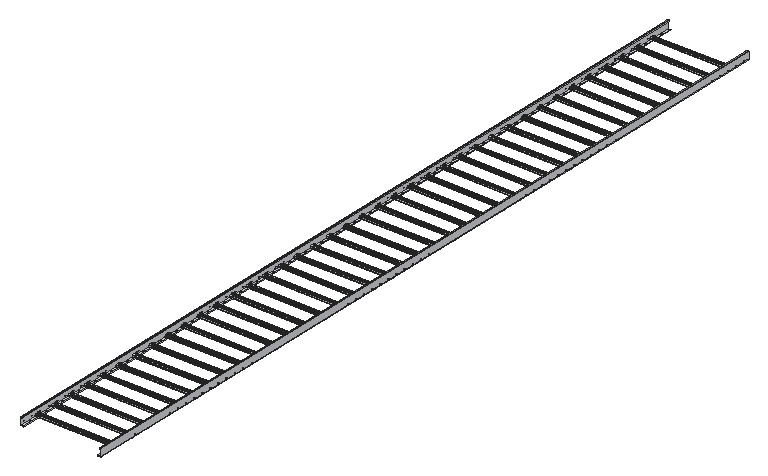
Revit family "Kabelleiter LG 60, 6 m VS FT", category Generic Models, Revit 2017
Family settings
  Can host rebar = No
  Round Connector Dimension = Use Diameter
  Part Type = Normal
  Work Plane-Based = No
  Always vertical = Yes
  Cut with Voids When Loaded = No
  Shared = No
  Room Calculation Point = No
Parameters (values of type "LG 660 VS 6 FT")
  Width = 600 mm
  URL = "http://www.obo-bettermann.com"
  Material = Hot-dip galvanised
  Manufacturer Art.No. = "6208661"
  Manufacturer = "OBO BETTERMANN"
  Length = 6000 mm
  GTIN = "4012195064381"
  Cut's space = 150 mm
  Cut's number 3 = 80
  Cut's number 2 = 2
  Cut's number = Length / Cut's space  # 40
  Article Type = "LG 660 VS 6 FT"
Reference planes
  plane 1 "Center (Front/Back)": y = 0
  plane 2: z = 0
  plane 3 "Center (Left/Right)": x = 0
  plane 4: x = 600
  plane 5: z = 60
  plane 6: x = 300
  plane 7: x = 300
  plane 8: y = 6000
  plane 9: y = 150
  plane 10: z = 16.5
  plane 11: y = 135
  plane 12: y = 165
  plane 13: y = 141.5
  plane 14: y = 158.5
  plane 15: x = 598.529
  plane 16: y = 300
  plane 17: z = 16.5
  plane 18: y = 285
  plane 19: y = 315
  plane 20: y = 291.5
  plane 21: y = 308.5
  plane 22: y = 450
  plane 23: z = 16.5
  plane 24: y = 435
  plane 25: y = 465
  plane 26: y = 441.5
  plane 27: y = 458.5
  plane 28: y = 600
  plane 29: z = 16.5
  plane 30: y = 585
  plane 31: y = 615
  plane 32: y = 591.5
  plane 33: y = 608.5
  plane 34: y = 750
  plane 35: z = 16.5
  plane 36: y = 735
  plane 37: y = 765
  plane 38: y = 741.5
  plane 39: y = 758.5
  plane 40: y = 900
  plane 41: z = 16.5
  plane 42: y = 885
  plane 43: y = 915
  plane 44: y = 891.5
  plane 45: y = 908.5
  plane 46: y = 1050
  plane 47: z = 16.5
  plane 48: y = 1035
  plane 49: y = 1065
  plane 50: y = 1041.5
  plane 51: y = 1058.5
  plane 52: y = 1200
  plane 53: z = 16.5
  plane 54: y = 1185
  plane 55: y = 1215
  plane 56: y = 1191.5
  plane 57: y = 1208.5
  plane 58: y = 1350
  plane 59: z = 16.5
  plane 60: y = 1335
  plane 61: y = 1365
  plane 62: y = 1341.5
  plane 63: y = 1358.5
  plane 64: y = 1500
  plane 65: z = 16.5
  plane 66: y = 1485
  plane 67: y = 1515
  plane 68: y = 1491.5
  plane 69: y = 1508.5
  plane 70: y = 1650
  plane 71: z = 16.5
  plane 72: y = 1635
  plane 73: y = 1665
  plane 74: y = 1641.5
  plane 75: y = 1658.5
  plane 76: y = 1800
  plane 77: z = 16.5
  plane 78: y = 1785
  plane 79: y = 1815
  plane 80: y = 1791.5
  plane 81: y = 1808.5
  plane 82: y = 1950
  plane 83: z = 16.5
  plane 84: y = 1935
  plane 85: y = 1965
  plane 86: y = 1941.5
  plane 87: y = 1958.5
  plane 88: y = 2100
  plane 89: z = 16.5
  plane 90: y = 2085
  plane 91: y = 2115
  plane 92: y = 2091.5
  plane 93: y = 2108.5
  plane 94: y = 2250
  plane 95: z = 16.5
  plane 96: y = 2235
  plane 97: y = 2265
  plane 98: y = 2241.5
  plane 99: y = 2258.5
  plane 100: y = 2400
  plane 101: z = 16.5
  plane 102: y = 2385
  plane 103: y = 2415
  plane 104: y = 2391.5
  plane 105: y = 2408.5
  plane 106: y = 2550
  plane 107: z = 16.5
  plane 108: y = 2535
  plane 109: y = 2565
  plane 110: y = 2541.5
  plane 111: y = 2558.5
  plane 112: y = 2700
  plane 113: z = 16.5
  plane 114: y = 2685
  plane 115: y = 2715
  plane 116: y = 2691.5
  plane 117: y = 2708.5
  plane 118: y = 2850
  plane 119: z = 16.5
  plane 120: y = 2835
  plane 121: y = 2865
  plane 122: y = 2841.5
  plane 123: y = 2858.5
  plane 124: y = 3000
  plane 125: z = 16.5
  plane 126: y = 2985
  plane 127: y = 3015
  plane 128: y = 2991.5
  plane 129: y = 3008.5
  plane 130: y = 3150
  plane 131: z = 16.5
  plane 132: y = 3135
  plane 133: y = 3165
  plane 134: y = 3141.5
  plane 135: y = 3158.5
  plane 136: y = 3300
  plane 137: z = 16.5
  plane 138: y = 3285
  plane 139: y = 3315
  plane 140: y = 3291.5
  plane 141: y = 3308.5
  plane 142: y = 3450
  plane 143: z = 16.5
  plane 144: y = 3435
  plane 145: y = 3465
  plane 146: y = 3441.5
  plane 147: y = 3458.5
  plane 148: y = 3600
  plane 149: z = 16.5
  plane 150: y = 3585
  plane 151: y = 3615
  plane 152: y = 3591.5
  plane 153: y = 3608.5
  plane 154: y = 3750
  plane 155: z = 16.5
  plane 156: y = 3735
  plane 157: y = 3765
  plane 158: y = 3741.5
  plane 159: y = 3758.5
  plane 160: y = 3900
  plane 161: z = 16.5
  plane 162: y = 3885
  plane 163: y = 3915
  plane 164: y = 3891.5
  plane 165: y = 3908.5
  plane 166: y = 4050
  plane 167: z = 16.5
  plane 168: y = 4035
  plane 169: y = 4065
  plane 170: y = 4041.5
  plane 171: y = 4058.5
  plane 172: y = 4200
  plane 173: z = 16.5
  plane 174: y = 4185
  plane 175: y = 4215
  plane 176: y = 4191.5
  plane 177: y = 4208.5
  plane 178: y = 4350
  plane 179: z = 16.5
  plane 180: y = 4335
  plane 181: y = 4365
  plane 182: y = 4341.5
  plane 183: y = 4358.5
  plane 184: y = 4500
  plane 185: z = 16.5
  plane 186: y = 4485
  plane 187: y = 4515
  plane 188: y = 4491.5
  plane 189: y = 4508.5
  plane 190: y = 4650
  plane 191: z = 16.5
  plane 192: y = 4635
  plane 193: y = 4665
  plane 194: y = 4641.5
  plane 195: y = 4658.5
  plane 196: y = 4800
  plane 197: z = 16.5
  plane 198: y = 4785
  plane 199: y = 4815
  plane 200: y = 4791.5
  plane 201: y = 4808.5
  plane 202: y = 4950
  plane 203: z = 16.5
  plane 204: y = 4935
  plane 205: y = 4965
  plane 206: y = 4941.5
  plane 207: y = 4958.5
  plane 208: y = 5100
  plane 209: z = 16.5
  plane 210: y = 5085
  plane 211: y = 5115
  plane 212: y = 5091.5
  plane 213: y = 5108.5
  plane 214: y = 5250
  plane 215: z = 16.5
  plane 216: y = 5235
  plane 217: y = 5265
  plane 218: y = 5241.5
  plane 219: y = 5258.5
  plane 220: y = 5400
  plane 221: z = 16.5
  plane 222: y = 5385
  plane 223: y = 5415
  plane 224: y = 5391.5
  plane 225: y = 5408.5
  plane 226: y = 5550
  plane 227: z = 16.5
  plane 228: y = 5535
  plane 229: y = 5565
  plane 230: y = 5541.5
  plane 231: y = 5558.5
  plane 232: y = 5700
  plane 233: z = 16.5
  plane 234: y = 5685
  plane 235: y = 5715
  plane 236: y = 5691.5
  plane 237: y = 5708.5
  plane 238: y = 5850
  plane 239: z = 16.5
  plane 240: y = 5835
  plane 241: y = 5865
  plane 242: y = 5841.5
  plane 243: y = 5858.5
  plane 244: y = 75
  plane 245: x = 16.5
  plane 246: y = 225
  plane 247: x = 16.5
  plane 248: y = 75
  plane 249: x = 583.466
  plane 250: x = 599.966
  plane 251: y = 375
  plane 252: x = 16.5
  plane 253: y = 525
  plane 254: x = 16.5
  plane 255: y = 675
  plane 256: x = 16.5
  plane 257: y = 825
  plane 258: x = 16.5
  plane 259: y = 975
  plane 260: x = 16.5
  plane 261: y = 1125
  plane 262: x = 16.5
  plane 263: y = 1275
  plane 264: x = 16.5
  plane 265: y = 1425
  plane 266: x = 16.5
  plane 267: y = 1575
  plane 268: x = 16.5
  plane 269: y = 1725
  plane 270: x = 16.5
  plane 271: y = 1875
  plane 272: x = 16.5
  plane 273: y = 2025
  plane 274: x = 16.5
  plane 275: y = 2175
  plane 276: x = 16.5
  plane 277: y = 2325
  plane 278: x = 16.5
  plane 279: y = 2475
  plane 280: x = 16.5
  plane 281: y = 2625
  plane 282: x = 16.5
  plane 283: y = 2775
  plane 284: x = 16.5
  plane 285: y = 2925
  plane 286: x = 16.5
  plane 287: y = 3075
  plane 288: x = 16.5
  plane 289: y = 3225
  plane 290: x = 16.5
  plane 291: y = 3375
  plane 292: x = 16.5
  plane 293: y = 3525
  plane 294: x = 16.5
  plane 295: y = 3675
  plane 296: x = 16.5
  plane 297: y = 3825
  plane 298: x = 16.5
  plane 299: y = 3975
  plane 300: x = 16.5
  plane 301: y = 4125
  plane 302: x = 16.5
  plane 303: y = 4275
  plane 304: x = 16.5
  plane 305: y = 4425
  plane 306: x = 16.5
  plane 307: y = 4575
  plane 308: x = 16.5
  plane 309: y = 4725
  plane 310: x = 16.5
  plane 311: y = 4875
  plane 312: x = 16.5
  plane 313: y = 5025
  plane 314: x = 16.5
  plane 315: y = 5175
  plane 316: x = 16.5
  plane 317: y = 5325
  plane 318: x = 16.5
  plane 319: y = 5475
  plane 320: x = 16.5
  plane 321: y = 5625
  plane 322: x = 16.5
  plane 323: y = 5775
  plane 324: x = 16.5
  plane 325: y = 5925
  plane 326: x = 16.5
  plane 327: x = 583.613
  plane 328: x = 600.113
  plane 329: y = 225
  plane 330: x = 583.545
  plane 331: y = 375
  plane 332: x = 583.545
  plane 333: y = 525
  plane 334: x = 583.545
  plane 335: y = 675
  plane 336: x = 583.545
  plane 337: y = 825
  plane 338: x = 583.545
  plane 339: y = 975
  plane 340: x = 583.545
  plane 341: y = 1125
  plane 342: x = 583.545
  plane 343: y = 1275
  plane 344: x = 583.545
  plane 345: y = 1425
  plane 346: x = 583.545
  plane 347: y = 1575
  plane 348: x = 583.545
  plane 349: y = 1725
  plane 350: x = 583.545
  plane 351: y = 1875
  plane 352: x = 583.545
  plane 353: y = 2025
  plane 354: x = 583.545
  plane 355: y = 2175
  plane 356: x = 585.045
  plane 357: y = 75
  plane 358: x = 16.5
  plane 359: y = 2325
  plane 360: x = 583.495
  plane 361: y = 2475
  plane 362: x = 583.495
  plane 363: y = 2625
  plane 364: x = 583.495
  plane 365: y = 2775
  plane 366: x = 583.495
  plane 367: y = 2925
  plane 368: x = 583.495
  plane 369: y = 3075
  plane 370: x = 583.495
  plane 371: y = 3225
  plane 372: x = 583.495
  plane 373: y = 3375
  plane 374: x = 583.495
  plane 375: y = 3525
  plane 376: x = 583.495
  plane 377: y = 3675
  plane 378: x = 583.495
  plane 379: y = 3825
  plane 380: x = 583.545
  plane 381: y = 3975
  plane 382: x = 583.545
  plane 383: y = 4125
  plane 384: x = 583.545
  plane 385: y = 4275
  plane 386: x = 583.545
  plane 387: y = 4425
  plane 388: x = 583.545
  plane 389: y = 4575
  plane 390: x = 583.545
  plane 391: y = 4725
  plane 392: x = 583.545
  plane 393: y = 4875
  plane 394: x = 583.545
  plane 395: y = 5025
  plane 396: x = 583.545
  plane 397: y = 5175
  plane 398: x = 583.545
  plane 399: y = 5325
  plane 400: x = 583.545
  plane 401: y = 5475
  plane 402: x = 583.545
  plane 403: y = 5625
  plane 404: x = 583.545
  plane 405: y = 5775
  plane 406: x = 583.545
  plane 407: y = 5925
  plane 408: x = 583.545
  plane 409: y = 37.5
  plane 410: z = 14
  plane 411: y = 112.5
  plane 412: z = 14
  plane 413: y = 187.5
  plane 414: z = 14
  plane 415: y = 262.5
  plane 416: z = 14
  plane 417: y = 337.5
  plane 418: z = 14
  plane 419: y = 412.5
  plane 420: z = 14
  plane 421: y = 487.5
  plane 422: z = 14
  plane 423: y = 562.5
  plane 424: z = 14
  plane 425: y = 637.5
  plane 426: z = 14
  plane 427: y = 712.5
  plane 428: z = 14
  plane 429: y = 787.5
  plane 430: z = 14
  plane 431: y = 862.5
  plane 432: z = 14
  plane 433: y = 937.5
  plane 434: z = 14
  plane 435: y = 1012.5
  plane 436: z = 14
  plane 437: y = 1087.5
  plane 438: z = 14
  plane 439: y = 1162.5
  plane 440: z = 14
  plane 441: y = 1237.5
  plane 442: z = 14
  plane 443: y = 1312.5
  plane 444: z = 14
  plane 445: y = 1387.5
  plane 446: z = 14
  plane 447: y = 1462.5
  plane 448: z = 14
  plane 449: y = 1537.5
  plane 450: z = 14
  plane 451: y = 1612.5
  plane 452: z = 14
  plane 453: y = 1687.5
  plane 454: z = 14
  plane 455: y = 1762.5
  plane 456: z = 14
  plane 457: y = 1837.5
  plane 458: z = 14
  plane 459: y = 1912.5
  plane 460: z = 14
  plane 461: y = 1987.5
  plane 462: z = 14
  plane 463: y = 2062.5
  plane 464: z = 14
  plane 465: y = 2137.5
  plane 466: z = 14
  plane 467: y = 2212.5
  plane 468: z = 14
  plane 469: y = 2287.5
  plane 470: z = 14
  plane 471: y = 2362.5
  plane 472: z = 14
  plane 473: y = 2437.5
  plane 474: z = 14
  plane 475: y = 2512.5
  plane 476: z = 14
  plane 477: y = 2587.5
  plane 478: z = 14
  plane 479: y = 2662.5
  plane 480: z = 14
  plane 481: y = 2737.5
  plane 482: z = 14
  plane 483: y = 2812.5
  plane 484: z = 14
  plane 485: y = 2887.5
  plane 486: z = 14
  plane 487: y = 2962.5
  plane 488: z = 14
  plane 489: y = 3037.5
  plane 490: z = 14
  plane 491: y = 3112.5
  plane 492: z = 14
  plane 493: y = 3187.5
  plane 494: z = 14
  plane 495: y = 3262.5
  plane 496: z = 14
  plane 497: y = 3337.5
  plane 498: z = 14
  plane 499: y = 3412.5
  plane 500: z = 14
  plane 501: y = 3487.5
  plane 502: z = 14
  plane 503: y = 3562.5
  plane 504: z = 14
  plane 505: y = 3637.5
  plane 506: z = 14
  plane 507: y = 3712.5
  plane 508: z = 14
  plane 509: y = 3787.5
  plane 510: z = 14
  plane 511: y = 3862.5
  plane 512: z = 14
  plane 513: y = 3937.5
  plane 514: z = 14
  plane 515: y = 4012.5
  plane 516: z = 14
  plane 517: y = 4087.5
  plane 518: z = 14
  plane 519: y = 4162.5
  plane 520: z = 14
  plane 521: y = 4237.5
  plane 522: z = 14
  plane 523: y = 4312.5
  plane 524: z = 14
  plane 525: y = 4387.5
  plane 526: z = 14
  plane 527: y = 4462.5
  plane 528: z = 14
  plane 529: y = 4537.5
  plane 530: z = 14
  plane 531: y = 4612.5
  plane 532: z = 14
  plane 533: y = 4687.5
  plane 534: z = 14
  plane 535: y = 4762.5
  plane 536: z = 14
  plane 537: y = 4837.5
  plane 538: z = 14
  plane 539: y = 4912.5
  plane 540: z = 14
  plane 541: y = 4987.5
  plane 542: z = 14
  plane 543: y = 5062.5
  plane 544: z = 14
  plane 545: y = 5137.5
  plane 546: z = 14
  plane 547: y = 5212.5
  plane 548: z = 14
  plane 549: y = 5287.5
  plane 550: z = 14
  plane 551: y = 5362.5
  plane 552: z = 14
  plane 553: y = 5437.5
  plane 554: z = 14
  plane 555: y = 5512.5
  plane 556: z = 14
  plane 557: y = 5587.5
  plane 558: z = 14
  plane 559: y = 5662.5
  plane 560: z = 14
  plane 561: y = 5737.5
  plane 562: z = 14
  plane 563: y = 5812.5
  plane 564: z = 14
  plane 565: y = 5887.5
  plane 566: z = 14
  plane 567: y = 5962.5
  plane 568: z = 14
  plane 569: z = 14
  plane 570: y = 37.5
  plane 571: z = 14
  plane 572: y = 112.5
  plane 573: z = 14
  plane 574: y = 187.5
  plane 575: z = 14
  plane 576: y = 262.5
  plane 577: z = 14
  plane 578: y = 337.5
  plane 579: z = 14
  plane 580: y = 412.5
  plane 581: z = 14
  plane 582: y = 487.5
  plane 583: z = 14
  plane 584: y = 562.5
  plane 585: z = 14
  plane 586: y = 637.5
  plane 587: z = 14
  plane 588: y = 712.5
  plane 589: z = 14
  plane 590: y = 787.5
  plane 591: z = 14
  plane 592: y = 862.5
  plane 593: z = 14
  plane 594: y = 937.5
  plane 595: z = 14
  plane 596: y = 1012.5
  plane 597: z = 14
  plane 598: y = 1087.5
  plane 599: z = 14
  plane 600: y = 1162.5
  plane 601: z = 14
  plane 602: y = 1237.5
  plane 603: z = 14
  plane 604: y = 1312.5
  plane 605: z = 14
  plane 606: y = 1387.5
  plane 607: z = 14
  plane 608: y = 1462.5
  plane 609: z = 14
  plane 610: y = 1537.5
  plane 611: z = 14
  plane 612: y = 1612.5
  plane 613: z = 14
  plane 614: y = 1687.5
  plane 615: z = 14
  plane 616: y = 1762.5
  plane 617: z = 14
  plane 618: y = 1837.5
  plane 619: z = 14
  plane 620: y = 1912.5
  plane 621: z = 14
  plane 622: y = 1987.5
  plane 623: z = 14
  plane 624: y = 2062.5
  plane 625: z = 14
  plane 626: y = 2137.5
  plane 627: z = 14
  plane 628: y = 2212.5
  plane 629: z = 14
  plane 630: y = 2287.5
  plane 631: z = 14
  plane 632: y = 2362.5
  plane 633: z = 14
  plane 634: y = 2437.5
  plane 635: z = 14
  plane 636: y = 2512.5
  plane 637: z = 14
  plane 638: y = 2587.5
  plane 639: z = 14
  plane 640: y = 2662.5
  plane 641: z = 14
  plane 642: y = 2737.5
  plane 643: z = 14
  plane 644: y = 2812.5
  plane 645: z = 14
  plane 646: y = 2887.5
  plane 647: z = 14
  plane 648: y = 2962.5
  plane 649: z = 14
  plane 650: y = 3037.5
  plane 651: z = 14
  plane 652: y = 3112.5
  plane 653: z = 14
  plane 654: y = 3187.5
  plane 655: z = 14
  plane 656: y = 3262.5
  plane 657: z = 14
  plane 658: y = 3337.5
  plane 659: z = 14
  plane 660: y = 3412.5
  plane 661: z = 14
  plane 662: y = 3487.5
  plane 663: z = 14
  plane 664: y = 3562.5
  plane 665: z = 14
  plane 666: y = 3637.5
  plane 667: z = 14
  plane 668: y = 3712.5
  plane 669: z = 14
  plane 670: y = 3787.5
  plane 671: z = 14
  plane 672: y = 3862.5
  plane 673: z = 14
  plane 674: y = 3937.5
  plane 675: z = 14
  plane 676: y = 4012.5
  plane 677: z = 14
  plane 678: y = 4087.5
  plane 679: z = 14
  plane 680: y = 4162.5
  plane 681: z = 14
  plane 682: y = 4237.5
  plane 683: z = 14
  plane 684: y = 4312.5
  plane 685: z = 14
  plane 686: y = 4387.5
  plane 687: z = 14
  plane 688: y = 4462.5
  plane 689: z = 14
  plane 690: y = 4537.5
  plane 691: z = 14
  plane 692: y = 4612.5
  plane 693: z = 14
  plane 694: y = 4687.5
  plane 695: z = 14
  plane 696: y = 4762.5
  plane 697: z = 14
  plane 698: y = 4837.5
  plane 699: z = 14
  plane 700: y = 4912.5
  plane 701: z = 14
  plane 702: y = 4987.5
  plane 703: z = 14
  plane 704: y = 5062.5
  plane 705: z = 14
  plane 706: y = 5137.5
  plane 707: z = 14
  plane 708: y = 5212.5
  plane 709: z = 14
  plane 710: y = 5287.5
  plane 711: z = 14
  plane 712: y = 5362.5
  plane 713: z = 14
  plane 714: y = 5437.5
  plane 715: z = 14
  plane 716: y = 5512.5
  plane 717: z = 14
  plane 718: y = 5587.5
  plane 719: z = 14
  plane 720: y = 5662.5
  plane 721: z = 14
  plane 722: y = 5737.5
  plane 723: z = 14
  plane 724: y = 5812.5
  plane 725: z = 14
  plane 726: y = 5887.5
  plane 727: z = 14
  plane 728: y = 5962.5
  plane 729: x = 59
  plane 730: x = 1.5
  plane 731: y = 150
  plane 732: x = 99
  plane 733: x = 41.5
  plane 734: y = 150
  plane 735: x = 139
  plane 736: x = 81.5
  plane 737: y = 150
  plane 738: x = 179
  plane 739: x = 121.5
  plane 740: y = 150
  plane 741: x = 219
  plane 742: x = 161.5
  plane 743: y = 150
  plane 744: x = 259
  plane 745: x = 201.5
  plane 746: y = 150
  plane 747: x = 299
  plane 748: x = 241.5
  plane 749: y = 150
  plane 750: x = 339
  plane 751: x = 281.5
  plane 752: y = 150
  plane 753: x = 379
  plane 754: x = 321.5
  plane 755: y = 150
  plane 756: x = 419
  plane 757: x = 361.5
  plane 758: y = 150
  plane 759: x = 459
  plane 760: x = 401.5
  plane 761: y = 150
  plane 762: x = 499
  plane 763: x = 441.5
  plane 764: y = 150
  plane 765: x = 59
  plane 766: x = 1.5
  plane 767: y = 150
  plane 768: x = 539
  plane 769: x = 481.5
  plane 770: y = 150
  plane 771: x = 79
  plane 772: y = 150
  plane 773: x = 119
  plane 774: y = 150
  plane 775: x = 159
  plane 776: y = 150
  plane 777: x = 199
  plane 778: y = 150
  plane 779: x = 239
  plane 780: y = 150
  plane 781: x = 279
  plane 782: y = 150
  plane 783: x = 319
  plane 784: y = 150
  plane 785: x = 359
  plane 786: y = 150
  plane 787: x = 399
  plane 788: y = 150
  plane 789: x = 439
  plane 790: y = 150
  plane 791: x = 479
  plane 792: y = 150
  plane 793: x = 519
  plane 794: y = 150
  plane 795: x = 59
  plane 796: x = 1.5
  plane 797: y = 450
  plane 798: x = 59
  plane 799: x = 1.5
  plane 800: y = 600
  plane 801: x = 59
  plane 802: x = 1.5
  plane 803: y = 750
  plane 804: x = 59
  plane 805: x = 1.5
  plane 806: y = 900
  plane 807: x = 59
  plane 808: x = 1.5
  plane 809: y = 1050
  plane 810: x = 59
  plane 811: x = 1.5
  plane 812: y = 1200
  plane 813: x = 59
  plane 814: x = 1.5
  plane 815: y = 1350
  plane 816: x = 59
  plane 817: x = 1.5
  plane 818: y = 1500
  plane 819: x = 59
  plane 820: x = 1.5
  plane 821: y = 1650
  plane 822: x = 59
  plane 823: x = 1.5
  plane 824: y = 1800
  plane 825: x = 59
  plane 826: x = 1.5
  plane 827: y = 1950
  plane 828: x = 59
  plane 829: x = 1.5
  plane 830: y = 2100
  plane 831: x = 59
  plane 832: x = 1.5
  plane 833: y = 2250
  plane 834: x = 59
  plane 835: x = 1.5
  plane 836: y = 2400
  plane 837: x = 59
  plane 838: x = 1.5
  plane 839: y = 2550
  plane 840: x = 59
  plane 841: x = 1.5
  plane 842: y = 2700
  plane 843: x = 59
  plane 844: x = 1.5
  plane 845: y = 2850
  plane 846: x = 59
  plane 847: x = 1.5
  plane 848: y = 3000
  plane 849: x = 59
  plane 850: x = 1.5
  plane 851: y = 3150
  plane 852: x = 59
  plane 853: x = 1.5
  plane 854: y = 3300
  plane 855: x = 59
  plane 856: x = 1.5
  plane 857: y = 3450
  plane 858: x = 59
  plane 859: x = 1.5
  plane 860: y = 3600
  plane 861: x = 59
  plane 862: x = 1.5
  plane 863: y = 3750
  plane 864: x = 59
  plane 865: x = 1.5
  plane 866: y = 3900
  plane 867: x = 59
  plane 868: x = 1.5
  plane 869: y = 4050
  plane 870: x = 59
  plane 871: x = 1.5
  plane 872: y = 4200
  plane 873: x = 59
  plane 874: x = 1.5
  plane 875: y = 4350
  plane 876: x = 59
  plane 877: x = 1.5
  plane 878: y = 4500
  plane 879: x = 59
  plane 880: x = 1.5
  plane 881: y = 4650
  plane 882: x = 59
  plane 883: x = 1.5
  plane 884: y = 4800
  plane 885: x = 59
  plane 886: x = 1.5
  plane 887: y = 4950
  plane 888: x = 59
  plane 889: x = 1.5
  plane 890: y = 5100
  plane 891: x = 59
  plane 892: x = 1.5
  plane 893: y = 5250
  plane 894: x = 59
  plane 895: x = 1.5
  plane 896: y = 5400
  plane 897: x = 59
  plane 898: x = 1.5
  plane 899: y = 5550
  plane 900: x = 59
  plane 901: x = 1.5
  plane 902: y = 5700
  plane 903: x = 59
  plane 904: x = 1.5
  plane 905: y = 5850
  plane 906: x = 79
  plane 907: y = 450
  plane 908: x = 79
  plane 909: y = 600
  plane 910: x = 79
  plane 911: y = 750
  plane 912: x = 79
  plane 913: y = 900
  plane 914: x = 79
  plane 915: y = 1050
  plane 916: x = 79
  plane 917: y = 1200
  plane 918: x = 79
  plane 919: y = 1350
  plane 920: x = 79
  plane 921: y = 1500
  plane 922: x = 79
  plane 923: y = 1650
  plane 924: x = 79
  plane 925: y = 1800
  plane 926: x = 79
  plane 927: y = 1950
  plane 928: x = 79
  plane 929: y = 2100
  plane 930: x = 79
  plane 931: y = 2250
  plane 932: x = 79
  plane 933: y = 2400
  plane 934: x = 79
  plane 935: y = 2550
  plane 936: x = 79
  plane 937: y = 2700
  plane 938: x = 79
  plane 939: y = 2850
  plane 940: x = 79
  plane 941: y = 3000
  plane 942: x = 79
  plane 943: y = 3150
  plane 944: x = 79
  plane 945: y = 3300
  plane 946: x = 79
  plane 947: y = 3450
  plane 948: x = 79
  plane 949: y = 3600
  plane 950: x = 79
  plane 951: y = 3750
  plane 952: x = 79
  plane 953: y = 3900
  plane 954: x = 79
  plane 955: y = 4050
  plane 956: x = 79
  plane 957: y = 4200
  plane 958: x = 79
  plane 959: y = 4350
  plane 960: x = 79
  plane 961: y = 4500
  plane 962: x = 79
  plane 963: y = 4650
  plane 964: x = 79
  plane 965: y = 4800
  plane 966: x = 79
  plane 967: y = 4950
  plane 968: x = 79
  plane 969: y = 5100
  plane 970: x = 79
  plane 971: y = 5250
  plane 972: x = 79
  plane 973: y = 5400
  plane 974: x = 79
  plane 975: y = 5550
  plane 976: x = 79
  plane 977: y = 5700
  plane 978: x = 79
  plane 979: y = 5850
  plane 980: x = 99
  plane 981: x = 41.5
  plane 982: y = 450
  plane 983: x = 99
  plane 984: x = 41.5
  plane 985: y = 600
  plane 986: x = 99
  plane 987: x = 41.5
  plane 988: y = 750
  plane 989: x = 99
  plane 990: x = 41.5
  plane 991: y = 900
  plane 992: x = 99
  plane 993: x = 41.5
  plane 994: y = 1050
  plane 995: x = 99
  plane 996: x = 41.5
  plane 997: y = 1200
  plane 998: x = 99
  plane 999: x = 41.5
  plane 1000: y = 1350
  plane 1001: x = 99
  plane 1002: x = 41.5
  plane 1003: y = 1500
  plane 1004: x = 99
  plane 1005: x = 41.5
  plane 1006: y = 1650
  plane 1007: x = 99
  plane 1008: x = 41.5
  plane 1009: y = 1800
  plane 1010: x = 99
  plane 1011: x = 41.5
  plane 1012: y = 1950
  plane 1013: x = 99
  plane 1014: x = 41.5
  plane 1015: y = 2100
  plane 1016: x = 99
  plane 1017: x = 41.5
  plane 1018: y = 2250
  plane 1019: x = 99
  plane 1020: x = 41.5
  plane 1021: y = 2400
  plane 1022: x = 99
  plane 1023: x = 41.5
  plane 1024: y = 2550
  plane 1025: x = 99
  plane 1026: x = 41.5
  plane 1027: y = 2700
  plane 1028: x = 99
  plane 1029: x = 41.5
  plane 1030: y = 2850
  plane 1031: x = 99
  plane 1032: x = 41.5
  plane 1033: y = 3000
  plane 1034: x = 99
  plane 1035: x = 41.5
  plane 1036: y = 3150
  plane 1037: x = 99
  plane 1038: x = 41.5
  plane 1039: y = 3300
  plane 1040: x = 99
  plane 1041: x = 41.5
  plane 1042: y = 3450
  plane 1043: x = 99
  plane 1044: x = 41.5
  plane 1045: y = 3600
  plane 1046: x = 99
  plane 1047: x = 41.5
  plane 1048: y = 3750
  plane 1049: x = 99
  plane 1050: x = 41.5
  plane 1051: y = 3900
  plane 1052: x = 99
  plane 1053: x = 41.5
  plane 1054: y = 4050
  plane 1055: x = 99
  plane 1056: x = 41.5
  plane 1057: y = 4200
  plane 1058: x = 99
  plane 1059: x = 41.5
  plane 1060: y = 4350
  plane 1061: x = 99
  plane 1062: x = 41.5
  plane 1063: y = 4500
  plane 1064: x = 99
  plane 1065: x = 41.5
  plane 1066: y = 4650
  plane 1067: x = 99
  plane 1068: x = 41.5
  plane 1069: y = 4800
  plane 1070: x = 99
  plane 1071: x = 41.5
  plane 1072: y = 4950
  plane 1073: x = 99
  plane 1074: x = 41.5
  plane 1075: y = 5100
  plane 1076: x = 99
  plane 1077: x = 41.5
  plane 1078: y = 5250
  plane 1079: x = 99
  plane 1080: x = 41.5
  plane 1081: y = 5400
  plane 1082: x = 99
  plane 1083: x = 41.5
  plane 1084: y = 5550
  plane 1085: x = 99
  plane 1086: x = 41.5
  plane 1087: y = 5700
  plane 1088: x = 99
  plane 1089: x = 41.5
  plane 1090: y = 5850
  plane 1091: x = 119
  plane 1092: y = 450
  plane 1093: x = 119
  plane 1094: y = 600
  plane 1095: x = 119
  plane 1096: y = 750
  plane 1097: x = 119
  plane 1098: y = 900
  plane 1099: x = 119
  plane 1100: y = 1050
  plane 1101: x = 119
  plane 1102: y = 1200
  plane 1103: x = 119
  plane 1104: y = 1350
  plane 1105: x = 119
  plane 1106: y = 1500
  plane 1107: x = 119
  plane 1108: y = 1650
  plane 1109: x = 119
  plane 1110: y = 1800
  plane 1111: x = 119
  plane 1112: y = 1950
  plane 1113: x = 119
  plane 1114: y = 2100
  plane 1115: x = 119
  plane 1116: y = 2250
  plane 1117: x = 119
  plane 1118: y = 2400
  plane 1119: x = 119
  plane 1120: y = 2550
  plane 1121: x = 119
  plane 1122: y = 2700
  plane 1123: x = 119
  plane 1124: y = 2850
  plane 1125: x = 119
  plane 1126: y = 3000
  plane 1127: x = 119
  plane 1128: y = 3150
  plane 1129: x = 119
  plane 1130: y = 3300
  plane 1131: x = 119
  plane 1132: y = 3450
  plane 1133: x = 119
  plane 1134: y = 3600
  plane 1135: x = 119
  plane 1136: y = 3750
  plane 1137: x = 119
  plane 1138: y = 3900
  plane 1139: x = 119
  plane 1140: y = 4050
  plane 1141: x = 119
  plane 1142: y = 4200
  plane 1143: x = 119
  plane 1144: y = 4350
  plane 1145: x = 119
  plane 1146: y = 4500
  plane 1147: x = 119
  plane 1148: y = 4650
  plane 1149: x = 119
  plane 1150: y = 4800
  plane 1151: x = 119
  plane 1152: y = 4950
  plane 1153: x = 119
  plane 1154: y = 5100
  plane 1155: x = 119
  plane 1156: y = 5250
  plane 1157: x = 119
  plane 1158: y = 5400
  plane 1159: x = 119
  plane 1160: y = 5550
  plane 1161: x = 119
  plane 1162: y = 5700
  plane 1163: x = 119
  plane 1164: y = 5850
  plane 1165: x = 139
  plane 1166: x = 81.5
  plane 1167: y = 450
  plane 1168: x = 139
  plane 1169: x = 81.5
  plane 1170: y = 600
  plane 1171: x = 139
  plane 1172: x = 81.5
  plane 1173: y = 750
  plane 1174: x = 139
  plane 1175: x = 81.5
  plane 1176: y = 900
  plane 1177: x = 139
  plane 1178: x = 81.5
  plane 1179: y = 1050
  plane 1180: x = 139
  plane 1181: x = 81.5
  plane 1182: y = 1200
  plane 1183: x = 139
  plane 1184: x = 81.5
  plane 1185: y = 1350
  plane 1186: x = 139
  plane 1187: x = 81.5
  plane 1188: y = 1500
  plane 1189: x = 139
  plane 1190: x = 81.5
  plane 1191: y = 1650
  plane 1192: x = 139
  plane 1193: x = 81.5
  plane 1194: y = 1800
  plane 1195: x = 139
  plane 1196: x = 81.5
  plane 1197: y = 1950
  plane 1198: x = 139
  plane 1199: x = 81.5
  plane 1200: y = 2100
  plane 1201: x = 139
  plane 1202: x = 81.5
  plane 1203: y = 2250
  plane 1204: x = 139
  plane 1205: x = 81.5
  plane 1206: y = 2400
  plane 1207: x = 139
  plane 1208: x = 81.5
  plane 1209: y = 2550
  plane 1210: x = 139
  plane 1211: x = 81.5
  plane 1212: y = 2700
  plane 1213: x = 139
  plane 1214: x = 81.5
  plane 1215: y = 2850
  plane 1216: x = 139
  plane 1217: x = 81.5
  plane 1218: y = 3000
  plane 1219: x = 139
  plane 1220: x = 81.5
  plane 1221: y = 3150
  plane 1222: x = 139
  plane 1223: x = 81.5
  plane 1224: y = 3300
  plane 1225: x = 139
  plane 1226: x = 81.5
  plane 1227: y = 3450
  plane 1228: x = 139
  plane 1229: x = 81.5
  plane 1230: y = 3600
  plane 1231: x = 139
  plane 1232: x = 81.5
  plane 1233: y = 3750
  plane 1234: x = 139
  plane 1235: x = 81.5
  plane 1236: y = 3900
  plane 1237: x = 139
  plane 1238: x = 81.5
  plane 1239: y = 4050
  plane 1240: x = 139
  plane 1241: x = 81.5
  plane 1242: y = 4200
  plane 1243: x = 139
  plane 1244: x = 81.5
  plane 1245: y = 4350
  plane 1246: x = 139
  plane 1247: x = 81.5
  plane 1248: y = 4500
  plane 1249: x = 139
  plane 1250: x = 81.5
  plane 1251: y = 4650
  plane 1252: x = 139
  plane 1253: x = 81.5
  plane 1254: y = 4800
  plane 1255: x = 139
  plane 1256: x = 81.5
  plane 1257: y = 4950
  plane 1258: x = 139
  plane 1259: x = 81.5
  plane 1260: y = 5100
  plane 1261: x = 139
  plane 1262: x = 81.5
  plane 1263: y = 5250
  plane 1264: x = 139
  plane 1265: x = 81.5
  plane 1266: y = 5400
  plane 1267: x = 139
  plane 1268: x = 81.5
  plane 1269: y = 5550
  plane 1270: x = 139
  plane 1271: x = 81.5
  plane 1272: y = 5700
  plane 1273: x = 139
  plane 1274: x = 81.5
  plane 1275: y = 5850
  plane 1276: x = 159
  plane 1277: y = 450
  plane 1278: x = 159
  plane 1279: y = 600
  plane 1280: x = 159
  plane 1281: y = 750
  plane 1282: x = 159
  plane 1283: y = 900
  plane 1284: x = 159
  plane 1285: y = 1050
  plane 1286: x = 159
  plane 1287: y = 1200
  plane 1288: x = 159
  plane 1289: y = 1350
  plane 1290: x = 159
  plane 1291: y = 1500
  plane 1292: x = 159
  plane 1293: y = 1650
  plane 1294: x = 159
  plane 1295: y = 1800
  plane 1296: x = 159
  plane 1297: y = 1950
  plane 1298: x = 159
  plane 1299: y = 2100
  plane 1300: x = 159
  plane 1301: y = 2250
  plane 1302: x = 159
  plane 1303: y = 2400
  plane 1304: x = 159
  plane 1305: y = 2550
  plane 1306: x = 159
  plane 1307: y = 2700
  plane 1308: x = 159
  plane 1309: y = 2850
  plane 1310: x = 159
  plane 1311: y = 3000
  plane 1312: x = 159
  plane 1313: y = 3150
  plane 1314: x = 159
  plane 1315: y = 3300
  plane 1316: x = 159
  plane 1317: y = 3450
  plane 1318: x = 159
  plane 1319: y = 3600
  plane 1320: x = 159
  plane 1321: y = 3750
  plane 1322: x = 159
  plane 1323: y = 3900
  plane 1324: x = 159
  plane 1325: y = 4050
  plane 1326: x = 159
  plane 1327: y = 4200
  plane 1328: x = 159
  plane 1329: y = 4350
  plane 1330: x = 159
  plane 1331: y = 4500
  plane 1332: x = 159
  plane 1333: y = 4650
  plane 1334: x = 159
  plane 1335: y = 4800
  plane 1336: x = 159
  plane 1337: y = 4950
  plane 1338: x = 159
  plane 1339: y = 5100
  plane 1340: x = 159
  plane 1341: y = 5250
  plane 1342: x = 159
  plane 1343: y = 5400
  plane 1344: x = 159
  plane 1345: y = 5550
  plane 1346: x = 159
  plane 1347: y = 5700
  plane 1348: x = 159
  plane 1349: y = 5850
  plane 1350: x = 179
  plane 1351: x = 121.5
  plane 1352: y = 450
  plane 1353: x = 179
  plane 1354: x = 121.5
  plane 1355: y = 600
  plane 1356: x = 179
  plane 1357: x = 121.5
  plane 1358: y = 750
  plane 1359: x = 179
  plane 1360: x = 121.5
  plane 1361: y = 900
  plane 1362: x = 179
  plane 1363: x = 121.5
  plane 1364: y = 1050
  plane 1365: x = 179
  plane 1366: x = 121.5
  plane 1367: y = 1200
  plane 1368: x = 179
  plane 1369: x = 121.5
  plane 1370: y = 1350
  plane 1371: x = 179
  plane 1372: x = 121.5
  plane 1373: y = 1500
  plane 1374: x = 179
  plane 1375: x = 121.5
  plane 1376: y = 1650
  plane 1377: x = 179
  plane 1378: x = 121.5
  plane 1379: y = 1800
  plane 1380: x = 179
  plane 1381: x = 121.5
  plane 1382: y = 1950
  plane 1383: x = 179
  plane 1384: x = 121.5
  plane 1385: y = 2100
  plane 1386: x = 179
  plane 1387: x = 121.5
  plane 1388: y = 2250
  plane 1389: x = 179
  plane 1390: x = 121.5
  plane 1391: y = 2400
  plane 1392: x = 179
  plane 1393: x = 121.5
  plane 1394: y = 2550
  plane 1395: x = 179
  plane 1396: x = 121.5
  plane 1397: y = 2700
  plane 1398: x = 179
  plane 1399: x = 121.5
  plane 1400: y = 2850
  plane 1401: x = 179
  plane 1402: x = 121.5
  plane 1403: y = 3000
  plane 1404: x = 179
  plane 1405: x = 121.5
  plane 1406: y = 3150
  plane 1407: x = 179
  plane 1408: x = 121.5
  plane 1409: y = 3300
  plane 1410: x = 179
  plane 1411: x = 121.5
  plane 1412: y = 3450
  plane 1413: x = 179
  plane 1414: x = 121.5
  plane 1415: y = 3600
  plane 1416: x = 179
  plane 1417: x = 121.5
  plane 1418: y = 3750
  plane 1419: x = 179
  plane 1420: x = 121.5
  plane 1421: y = 3900
  plane 1422: x = 179
  plane 1423: x = 121.5
  plane 1424: y = 4050
  plane 1425: x = 179
  plane 1426: x = 121.5
  plane 1427: y = 4200
  plane 1428: x = 179
  plane 1429: x = 121.5
  plane 1430: y = 4350
  plane 1431: x = 179
  plane 1432: x = 121.5
  plane 1433: y = 4500
  plane 1434: x = 179
  plane 1435: x = 121.5
  plane 1436: y = 4650
  plane 1437: x = 179
  plane 1438: x = 121.5
  plane 1439: y = 4800
  plane 1440: x = 179
  plane 1441: x = 121.5
  plane 1442: y = 4950
  plane 1443: x = 179
  plane 1444: x = 121.5
  plane 1445: y = 5100
  plane 1446: x = 179
  plane 1447: x = 121.5
  plane 1448: y = 5250
  plane 1449: x = 179
  plane 1450: x = 121.5
  plane 1451: y = 5400
  plane 1452: x = 179
  plane 1453: x = 121.5
  plane 1454: y = 5550
  plane 1455: x = 179
  plane 1456: x = 121.5
  plane 1457: y = 5700
  plane 1458: x = 179
  plane 1459: x = 121.5
  plane 1460: y = 5850
  plane 1461: x = 199
  plane 1462: y = 450
  plane 1463: x = 199
  plane 1464: y = 600
  plane 1465: x = 199
  plane 1466: y = 750
  plane 1467: x = 199
  plane 1468: y = 900
  plane 1469: x = 199
  plane 1470: y = 1050
  plane 1471: x = 199
  plane 1472: y = 1200
  plane 1473: x = 199
  plane 1474: y = 1350
  plane 1475: x = 199
  plane 1476: y = 1500
  plane 1477: x = 199
  plane 1478: y = 1650
  plane 1479: x = 199
  plane 1480: y = 1800
  plane 1481: x = 199
  plane 1482: y = 1950
  plane 1483: x = 199
  plane 1484: y = 2100
  plane 1485: x = 199
  plane 1486: y = 2250
  plane 1487: x = 199
  plane 1488: y = 2400
  plane 1489: x = 199
  plane 1490: y = 2550
  plane 1491: x = 199
  plane 1492: y = 2700
  plane 1493: x = 199
  plane 1494: y = 2850
  plane 1495: x = 199
  plane 1496: y = 3000
  plane 1497: x = 199
  plane 1498: y = 3150
  plane 1499: x = 199
  plane 1500: y = 3300
  plane 1501: x = 199
  plane 1502: y = 3450
  plane 1503: x = 199
  plane 1504: y = 3600
  plane 1505: x = 199
  plane 1506: y = 3750
  plane 1507: x = 199
  plane 1508: y = 3900
  plane 1509: x = 199
  plane 1510: y = 4050
  plane 1511: x = 199
  plane 1512: y = 4200
  plane 1513: x = 199
  plane 1514: y = 4350
  plane 1515: x = 199
  plane 1516: y = 4500
  plane 1517: x = 199
  plane 1518: y = 4650
  plane 1519: x = 199
  plane 1520: y = 4800
  plane 1521: x = 199
  plane 1522: y = 4950
  plane 1523: x = 199
  plane 1524: y = 5100
  plane 1525: x = 199
  plane 1526: y = 5250
  plane 1527: x = 199
  plane 1528: y = 5400
  plane 1529: x = 199
  plane 1530: y = 5550
  plane 1531: x = 199
  plane 1532: y = 5700
  plane 1533: x = 199
  plane 1534: y = 5850
  plane 1535: x = 219
  plane 1536: x = 161.5
  plane 1537: y = 450
  plane 1538: x = 219
  plane 1539: x = 161.5
  plane 1540: y = 600
  plane 1541: x = 219
  plane 1542: x = 161.5
  plane 1543: y = 750
  plane 1544: x = 219
  plane 1545: x = 161.5
  plane 1546: y = 900
  plane 1547: x = 219
  plane 1548: x = 161.5
  plane 1549: y = 1050
  plane 1550: x = 219
  plane 1551: x = 161.5
  plane 1552: y = 1200
  plane 1553: x = 219
  plane 1554: x = 161.5
  plane 1555: y = 1350
  plane 1556: x = 219
  plane 1557: x = 161.5
  plane 1558: y = 1500
  plane 1559: x = 219
  plane 1560: x = 161.5
  plane 1561: y = 1650
  plane 1562: x = 219
  plane 1563: x = 161.5
  plane 1564: y = 1800
  plane 1565: x = 219
  plane 1566: x = 161.5
  plane 1567: y = 1950
  plane 1568: x = 219
  plane 1569: x = 161.5
  plane 1570: y = 2100
  plane 1571: x = 219
  plane 1572: x = 161.5
  plane 1573: y = 2250
  plane 1574: x = 219
  plane 1575: x = 161.5
  plane 1576: y = 2400
  plane 1577: x = 219
  plane 1578: x = 161.5
  plane 1579: y = 2550
  plane 1580: x = 219
  plane 1581: x = 161.5
  plane 1582: y = 2700
  plane 1583: x = 219
  plane 1584: x = 161.5
  plane 1585: y = 2850
  plane 1586: x = 219
  plane 1587: x = 161.5
  plane 1588: y = 3000
  plane 1589: x = 219
  plane 1590: x = 161.5
  plane 1591: y = 3150
  plane 1592: x = 219
  plane 1593: x = 161.5
  plane 1594: y = 3300
  plane 1595: x = 219
  plane 1596: x = 161.5
  plane 1597: y = 3450
  plane 1598: x = 219
  plane 1599: x = 161.5
  plane 1600: y = 3600
  plane 1601: x = 219
  plane 1602: x = 161.5
  plane 1603: y = 3750
  plane 1604: x = 219
  plane 1605: x = 161.5
  plane 1606: y = 3900
  plane 1607: x = 219
  plane 1608: x = 161.5
  plane 1609: y = 4050
  plane 1610: x = 219
  plane 1611: x = 161.5
  plane 1612: y = 4200
  plane 1613: x = 219
  plane 1614: x = 161.5
  plane 1615: y = 4350
  plane 1616: x = 219
  plane 1617: x = 161.5
  plane 1618: y = 4500
  plane 1619: x = 219
  plane 1620: x = 161.5
  plane 1621: y = 4650
  plane 1622: x = 219
  plane 1623: x = 161.5
  plane 1624: y = 4800
  plane 1625: x = 219
  plane 1626: x = 161.5
  plane 1627: y = 4950
  plane 1628: x = 219
  plane 1629: x = 161.5
  plane 1630: y = 5100
  plane 1631: x = 219
  plane 1632: x = 161.5
  plane 1633: y = 5250
  plane 1634: x = 219
  plane 1635: x = 161.5
  plane 1636: y = 5400
  plane 1637: x = 219
  plane 1638: x = 161.5
  plane 1639: y = 5550
  plane 1640: x = 219
  plane 1641: x = 161.5
  plane 1642: y = 5700
  plane 1643: x = 219
  plane 1644: x = 161.5
  plane 1645: y = 5850
  plane 1646: x = 239
  plane 1647: y = 450
  plane 1648: x = 239
  plane 1649: y = 600
  plane 1650: x = 239
  plane 1651: y = 750
  plane 1652: x = 239
  plane 1653: y = 900
  plane 1654: x = 239
  plane 1655: y = 1050
  plane 1656: x = 239
  plane 1657: y = 1200
  plane 1658: x = 239
  plane 1659: y = 1350
  plane 1660: x = 239
  plane 1661: y = 1500
  plane 1662: x = 239
  plane 1663: y = 1650
  plane 1664: x = 239
  plane 1665: y = 1800
  plane 1666: x = 239
  plane 1667: y = 1950
  plane 1668: x = 239
  plane 1669: y = 2100
  plane 1670: x = 239
  plane 1671: y = 2250
  plane 1672: x = 239
  plane 1673: y = 2400
  plane 1674: x = 239
  plane 1675: y = 2550
  plane 1676: x = 239
  plane 1677: y = 2700
  plane 1678: x = 239
  plane 1679: y = 2850
  plane 1680: x = 239
  plane 1681: y = 3000
  plane 1682: x = 239
  plane 1683: y = 3150
  plane 1684: x = 239
  plane 1685: y = 3300
  plane 1686: x = 239
  plane 1687: y = 3450
  plane 1688: x = 239
  plane 1689: y = 3600
  plane 1690: x = 239
  plane 1691: y = 3750
  plane 1692: x = 239
  plane 1693: y = 3900
  plane 1694: x = 239
  plane 1695: y = 4050
  plane 1696: x = 239
  plane 1697: y = 4200
  plane 1698: x = 239
  plane 1699: y = 4350
  plane 1700: x = 239
  plane 1701: y = 4500
  plane 1702: x = 239
  plane 1703: y = 4650
  plane 1704: x = 239
  plane 1705: y = 4800
  plane 1706: x = 239
  plane 1707: y = 4950
  plane 1708: x = 239
  plane 1709: y = 5100
  plane 1710: x = 239
  plane 1711: y = 5250
  plane 1712: x = 239
  plane 1713: y = 5400
  plane 1714: x = 239
  plane 1715: y = 5550
  plane 1716: x = 239
  plane 1717: y = 5700
  plane 1718: x = 239
  plane 1719: y = 5850
  plane 1720: x = 259
  plane 1721: x = 201.5
  plane 1722: y = 450
  plane 1723: x = 259
  plane 1724: x = 201.5
  plane 1725: y = 600
  plane 1726: x = 259
  plane 1727: x = 201.5
  plane 1728: y = 750
  plane 1729: x = 259
  plane 1730: x = 201.5
  plane 1731: y = 900
  plane 1732: x = 259
  plane 1733: x = 201.5
  plane 1734: y = 1050
  plane 1735: x = 259
  plane 1736: x = 201.5
  plane 1737: y = 1200
  plane 1738: x = 259
  plane 1739: x = 201.5
  plane 1740: y = 1350
  plane 1741: x = 259
  plane 1742: x = 201.5
  plane 1743: y = 1500
  plane 1744: x = 259
  plane 1745: x = 201.5
  plane 1746: y = 1650
  plane 1747: x = 259
  plane 1748: x = 201.5
  plane 1749: y = 1800
  plane 1750: x = 259
  plane 1751: x = 201.5
  plane 1752: y = 1950
  plane 1753: x = 259
  plane 1754: x = 201.5
  plane 1755: y = 2100
  plane 1756: x = 259
  plane 1757: x = 201.5
  plane 1758: y = 2250
  plane 1759: x = 259
  plane 1760: x = 201.5
  plane 1761: y = 2400
  plane 1762: x = 259
  plane 1763: x = 201.5
  plane 1764: y = 2550
  plane 1765: x = 259
  plane 1766: x = 201.5
  plane 1767: y = 2700
  plane 1768: x = 259
  plane 1769: x = 201.5
  plane 1770: y = 2850
  plane 1771: x = 259
  plane 1772: x = 201.5
  plane 1773: y = 3000
  plane 1774: x = 259
  plane 1775: x = 201.5
  plane 1776: y = 3150
  plane 1777: x = 259
  plane 1778: x = 201.5
  plane 1779: y = 3300
  plane 1780: x = 259
  plane 1781: x = 201.5
  plane 1782: y = 3450
  plane 1783: x = 259
  plane 1784: x = 201.5
  plane 1785: y = 3600
  plane 1786: x = 259
  plane 1787: x = 201.5
  plane 1788: y = 3750
  plane 1789: x = 259
  plane 1790: x = 201.5
  plane 1791: y = 3900
  plane 1792: x = 259
  plane 1793: x = 201.5
  plane 1794: y = 4050
  plane 1795: x = 259
  plane 1796: x = 201.5
  plane 1797: y = 4200
  plane 1798: x = 259
  plane 1799: x = 201.5
  plane 1800: y = 4350
  plane 1801: x = 259
  plane 1802: x = 201.5
  plane 1803: y = 4500
  plane 1804: x = 259
  plane 1805: x = 201.5
  plane 1806: y = 4650
  plane 1807: x = 259
  plane 1808: x = 201.5
  plane 1809: y = 4800
  plane 1810: x = 259
  plane 1811: x = 201.5
  plane 1812: y = 4950
  plane 1813: x = 259
  plane 1814: x = 201.5
  plane 1815: y = 5100
  plane 1816: x = 259
  plane 1817: x = 201.5
  plane 1818: y = 5250
  plane 1819: x = 259
  plane 1820: x = 201.5
  plane 1821: y = 5400
  plane 1822: x = 259
  plane 1823: x = 201.5
  plane 1824: y = 5550
  plane 1825: x = 259
  plane 1826: x = 201.5
  plane 1827: y = 5700
  plane 1828: x = 259
  plane 1829: x = 201.5
  plane 1830: y = 5850
  plane 1831: x = 279
  plane 1832: y = 450
  plane 1833: x = 279
  plane 1834: y = 600
  plane 1835: x = 279
  plane 1836: y = 750
  plane 1837: x = 279
  plane 1838: y = 900
  plane 1839: x = 279
  plane 1840: y = 1050
  plane 1841: x = 279
  plane 1842: y = 1200
  plane 1843: x = 279
  plane 1844: y = 1350
  plane 1845: x = 279
  plane 1846: y = 1500
  plane 1847: x = 279
  plane 1848: y = 1650
  plane 1849: x = 279
  plane 1850: y = 1800
  plane 1851: x = 279
  plane 1852: y = 1950
  plane 1853: x = 279
  plane 1854: y = 2100
  plane 1855: x = 279
  plane 1856: y = 2250
  plane 1857: x = 279
  plane 1858: y = 2400
  plane 1859: x = 279
  plane 1860: y = 2550
  plane 1861: x = 279
  plane 1862: y = 2700
  plane 1863: x = 279
  plane 1864: y = 2850
  plane 1865: x = 279
  plane 1866: y = 3000
  plane 1867: x = 279
  plane 1868: y = 3150
  plane 1869: x = 279
  plane 1870: y = 3300
  plane 1871: x = 279
  plane 1872: y = 3450
  plane 1873: x = 279
  plane 1874: y = 3600
  plane 1875: x = 279
  plane 1876: y = 3750
  plane 1877: x = 279
  plane 1878: y = 3900
  plane 1879: x = 279
  plane 1880: y = 4050
  plane 1881: x = 279
  plane 1882: y = 4200
  plane 1883: x = 279
  plane 1884: y = 4350
  plane 1885: x = 279
  plane 1886: y = 4500
  plane 1887: x = 279
  plane 1888: y = 4650
  plane 1889: x = 279
  plane 1890: y = 4800
  plane 1891: x = 279
  plane 1892: y = 4950
  plane 1893: x = 279
  plane 1894: y = 5100
  plane 1895: x = 279
  plane 1896: y = 5250
  plane 1897: x = 279
  plane 1898: y = 5400
  plane 1899: x = 279
  plane 1900: y = 5550
  plane 1901: x = 279
  plane 1902: y = 5700
  plane 1903: x = 279
  plane 1904: y = 5850
  plane 1905: x = 299
  plane 1906: x = 241.5
  plane 1907: y = 450
  plane 1908: x = 299
  plane 1909: x = 241.5
  plane 1910: y = 600
  plane 1911: x = 299
  plane 1912: x = 241.5
  plane 1913: y = 750
  plane 1914: x = 299
  plane 1915: x = 241.5
  plane 1916: y = 900
  plane 1917: x = 299
  plane 1918: x = 241.5
  plane 1919: y = 1050
  plane 1920: x = 299
  plane 1921: x = 241.5
  plane 1922: y = 1200
  plane 1923: x = 299
  plane 1924: x = 241.5
  plane 1925: y = 1350
  plane 1926: x = 299
  plane 1927: x = 241.5
  plane 1928: y = 1500
  plane 1929: x = 299
  plane 1930: x = 241.5
  plane 1931: y = 1650
  plane 1932: x = 299
  plane 1933: x = 241.5
  plane 1934: y = 1800
  plane 1935: x = 299
  plane 1936: x = 241.5
  plane 1937: y = 1950
  plane 1938: x = 299
  plane 1939: x = 241.5
  plane 1940: y = 2100
  plane 1941: x = 299
  plane 1942: x = 241.5
  plane 1943: y = 2250
  plane 1944: x = 299
  plane 1945: x = 241.5
  plane 1946: y = 2400
  plane 1947: x = 299
  plane 1948: x = 241.5
  plane 1949: y = 2550
  plane 1950: x = 299
  plane 1951: x = 241.5
  plane 1952: y = 2700
  plane 1953: x = 299
  plane 1954: x = 241.5
  plane 1955: y = 2850
  plane 1956: x = 299
  plane 1957: x = 241.5
  plane 1958: y = 3000
  plane 1959: x = 299
  plane 1960: x = 241.5
  plane 1961: y = 3150
  plane 1962: x = 299
  plane 1963: x = 241.5
  plane 1964: y = 3300
  plane 1965: x = 299
  plane 1966: x = 241.5
  plane 1967: y = 3450
  plane 1968: x = 299
  plane 1969: x = 241.5
  plane 1970: y = 3600
  plane 1971: x = 299
  plane 1972: x = 241.5
  plane 1973: y = 3750
  plane 1974: x = 299
  plane 1975: x = 241.5
  plane 1976: y = 3900
  plane 1977: x = 299
  plane 1978: x = 241.5
  plane 1979: y = 4050
  plane 1980: x = 299
  plane 1981: x = 241.5
  plane 1982: y = 4200
  plane 1983: x = 299
  plane 1984: x = 241.5
  plane 1985: y = 4350
  plane 1986: x = 299
  plane 1987: x = 241.5
  plane 1988: y = 4500
  plane 1989: x = 299
  plane 1990: x = 241.5
  plane 1991: y = 4650
  plane 1992: x = 299
  plane 1993: x = 241.5
  plane 1994: y = 4800
  plane 1995: x = 299
  plane 1996: x = 241.5
  plane 1997: y = 4950
  plane 1998: x = 299
  plane 1999: x = 241.5
  plane 2000: y = 5100
  plane 2001: x = 299
  plane 2002: x = 241.5
  plane 2003: y = 5250
  plane 2004: x = 299
  plane 2005: x = 241.5
  plane 2006: y = 5400
  plane 2007: x = 299
  plane 2008: x = 241.5
  plane 2009: y = 5550
  plane 2010: x = 299
  plane 2011: x = 241.5
  plane 2012: y = 5700
  plane 2013: x = 299
  plane 2014: x = 241.5
  plane 2015: y = 5850
  plane 2016: x = 319
  plane 2017: y = 450
  plane 2018: x = 319
  plane 2019: y = 600
  plane 2020: x = 319
  plane 2021: y = 750
  plane 2022: x = 319
  plane 2023: y = 900
  plane 2024: x = 319
  plane 2025: y = 1050
  plane 2026: x = 319
  plane 2027: y = 1200
  plane 2028: x = 319
  plane 2029: y = 1350
  plane 2030: x = 319
  plane 2031: y = 1500
  plane 2032: x = 319
  plane 2033: y = 1650
  plane 2034: x = 319
  plane 2035: y = 1800
  plane 2036: x = 319
  plane 2037: y = 1950
  plane 2038: x = 319
  plane 2039: y = 2100
  plane 2040: x = 319
  plane 2041: y = 2250
  plane 2042: x = 319
  plane 2043: y = 2400
  plane 2044: x = 319
  plane 2045: y = 2550
  plane 2046: x = 319
  plane 2047: y = 2700
  plane 2048: x = 319
  plane 2049: y = 2850
  plane 2050: x = 319
  plane 2051: y = 3000
  plane 2052: x = 319
  plane 2053: y = 3150
  plane 2054: x = 319
  plane 2055: y = 3300
  plane 2056: x = 319
  plane 2057: y = 3450
  plane 2058: x = 319
  plane 2059: y = 3600
  plane 2060: x = 319
  plane 2061: y = 3750
  plane 2062: x = 319
  plane 2063: y = 3900
  plane 2064: x = 319
  plane 2065: y = 4050
  plane 2066: x = 319
  plane 2067: y = 4200
  plane 2068: x = 319
  plane 2069: y = 4350
  plane 2070: x = 319
  plane 2071: y = 4500
  plane 2072: x = 319
  plane 2073: y = 4650
  plane 2074: x = 319
  plane 2075: y = 4800
  plane 2076: x = 319
  plane 2077: y = 4950
  plane 2078: x = 319
  plane 2079: y = 5100
  plane 2080: x = 319
  plane 2081: y = 5250
  plane 2082: x = 319
  plane 2083: y = 5400
  plane 2084: x = 319
  plane 2085: y = 5550
  plane 2086: x = 319
  plane 2087: y = 5700
  plane 2088: x = 319
  plane 2089: y = 5850
  plane 2090: x = 339
  plane 2091: x = 281.5
  plane 2092: y = 450
  plane 2093: x = 339
  plane 2094: x = 281.5
  plane 2095: y = 600
  plane 2096: x = 339
  plane 2097: x = 281.5
  plane 2098: y = 750
  plane 2099: x = 339
  plane 2100: x = 281.5
  plane 2101: y = 900
  plane 2102: x = 339
  plane 2103: x = 281.5
  plane 2104: y = 1050
  plane 2105: x = 339
  plane 2106: x = 281.5
  plane 2107: y = 1200
  plane 2108: x = 339
  plane 2109: x = 281.5
  plane 2110: y = 1350
  plane 2111: x = 339
  plane 2112: x = 281.5
  plane 2113: y = 1500
  plane 2114: x = 339
  plane 2115: x = 281.5
  plane 2116: y = 1650
  plane 2117: x = 339
  plane 2118: x = 281.5
  plane 2119: y = 1800
  plane 2120: x = 339
  plane 2121: x = 281.5
  plane 2122: y = 1950
  plane 2123: x = 339
  plane 2124: x = 281.5
  plane 2125: y = 2100
  plane 2126: x = 339
  plane 2127: x = 281.5
  plane 2128: y = 2250
  plane 2129: x = 339
  plane 2130: x = 281.5
  plane 2131: y = 2400
  plane 2132: x = 339
  plane 2133: x = 281.5
  plane 2134: y = 2550
  plane 2135: x = 339
  plane 2136: x = 281.5
  plane 2137: y = 2700
  plane 2138: x = 339
  plane 2139: x = 281.5
  plane 2140: y = 2850
  plane 2141: x = 339
  plane 2142: x = 281.5
  plane 2143: y = 3000
  plane 2144: x = 339
  plane 2145: x = 281.5
  plane 2146: y = 3150
  plane 2147: x = 339
  plane 2148: x = 281.5
  plane 2149: y = 3300
  plane 2150: x = 339
  plane 2151: x = 281.5
  plane 2152: y = 3450
  plane 2153: x = 339
  plane 2154: x = 281.5
  plane 2155: y = 3600
  plane 2156: x = 339
  plane 2157: x = 281.5
  plane 2158: y = 3750
  plane 2159: x = 339
  plane 2160: x = 281.5
  plane 2161: y = 3900
  plane 2162: x = 339
  plane 2163: x = 281.5
  plane 2164: y = 4050
  plane 2165: x = 339
  plane 2166: x = 281.5
  plane 2167: y = 4200
  plane 2168: x = 339
  plane 2169: x = 281.5
  plane 2170: y = 4350
  plane 2171: x = 339
  plane 2172: x = 281.5
  plane 2173: y = 4500
  plane 2174: x = 339
  plane 2175: x = 281.5
  plane 2176: y = 4650
  plane 2177: x = 339
  plane 2178: x = 281.5
  plane 2179: y = 4800
  plane 2180: x = 339
  plane 2181: x = 281.5
  plane 2182: y = 4950
  plane 2183: x = 339
  plane 2184: x = 281.5
  plane 2185: y = 5100
  plane 2186: x = 339
  plane 2187: x = 281.5
  plane 2188: y = 5250
  plane 2189: x = 339
  plane 2190: x = 281.5
  plane 2191: y = 5400
  plane 2192: x = 339
  plane 2193: x = 281.5
  plane 2194: y = 5550
  plane 2195: x = 339
  plane 2196: x = 281.5
  plane 2197: y = 5700
  plane 2198: x = 339
  plane 2199: x = 281.5
  plane 2200: y = 5850
  plane 2201: x = 359
  plane 2202: y = 450
  plane 2203: x = 359
  plane 2204: y = 600
  plane 2205: x = 359
  plane 2206: y = 750
  plane 2207: x = 359
  plane 2208: y = 900
  plane 2209: x = 359
  plane 2210: y = 1050
  plane 2211: x = 359
  plane 2212: y = 1200
  plane 2213: x = 359
  plane 2214: y = 1350
  plane 2215: x = 359
  plane 2216: y = 1500
  plane 2217: x = 359
  plane 2218: y = 1650
  plane 2219: x = 359
  plane 2220: y = 1800
  plane 2221: x = 359
  plane 2222: y = 1950
  plane 2223: x = 359
  plane 2224: y = 2100
  plane 2225: x = 359
  plane 2226: y = 2250
  plane 2227: x = 359
  plane 2228: y = 2400
  plane 2229: x = 359
  plane 2230: y = 2550
  plane 2231: x = 359
  plane 2232: y = 2700
  plane 2233: x = 359
  plane 2234: y = 2850
  plane 2235: x = 359
  plane 2236: y = 3000
  plane 2237: x = 359
  plane 2238: y = 3150
  plane 2239: x = 359
  plane 2240: y = 3300
  plane 2241: x = 359
  plane 2242: y = 3450
  plane 2243: x = 359
  plane 2244: y = 3600
  plane 2245: x = 359
  plane 2246: y = 3750
  plane 2247: x = 359
  plane 2248: y = 3900
  plane 2249: x = 359
  plane 2250: y = 4050
  plane 2251: x = 359
  plane 2252: y = 4200
  plane 2253: x = 359
  plane 2254: y = 4350
  plane 2255: x = 359
  plane 2256: y = 4500
  plane 2257: x = 359
  plane 2258: y = 4650
  plane 2259: x = 359
  plane 2260: y = 4800
  plane 2261: x = 359
  plane 2262: y = 4950
  plane 2263: x = 359
  plane 2264: y = 5100
  plane 2265: x = 359
  plane 2266: y = 5250
  plane 2267: x = 359
  plane 2268: y = 5400
  plane 2269: x = 359
  plane 2270: y = 5550
  plane 2271: x = 359
  plane 2272: y = 5700
  plane 2273: x = 359
  plane 2274: y = 5850
  plane 2275: x = 379
  plane 2276: x = 321.5
  plane 2277: y = 450
  plane 2278: x = 379
  plane 2279: x = 321.5
  plane 2280: y = 600
  plane 2281: x = 379
  plane 2282: x = 321.5
  plane 2283: y = 750
  plane 2284: x = 379
  plane 2285: x = 321.5
  plane 2286: y = 900
  plane 2287: x = 379
  plane 2288: x = 321.5
  plane 2289: y = 1050
  plane 2290: x = 379
  plane 2291: x = 321.5
  plane 2292: y = 1200
  plane 2293: x = 379
  plane 2294: x = 321.5
  plane 2295: y = 1350
